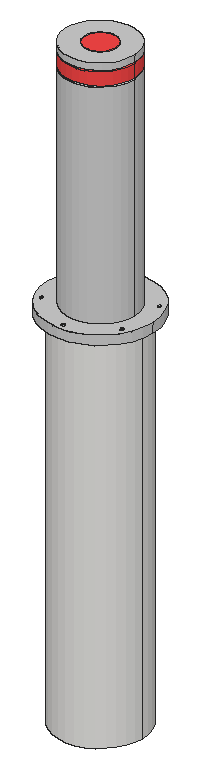
Revit family "Pilona Telescopica Automatica", category Furniture, Revit 2020
Family settings
  Work Plane-Based = No
  Always vertical = Yes
  Cut with Voids When Loaded = No
  Shared = No
  Room Calculation Point = No
Parameters (values of type "Pilona Automatica-H75013-220mm")
  a = 0.020 m
  URL Producto = "https://www.benito.com/es/mobiliario-urbano/regulacion-accesos/telescopica-automatica-de-alta-seguridad-%C3%98220-x-750mm--H75013.html"
  Type Comments = "Tiene un consumo de 600W y una potencia Motor 300 W (3000r.p.m) con grado de Protección IP 67. El tiempo de subida / bajada es de 4seg"
  Referencia = "H75013"
  Material = Acero inoxidable
  H1 = 1.210 m
  H = H1 + D  # 1.960 m
  Ficha técnica = "https://www.benito.com/es/download/data-sheet-H75013"
  Fabricante = "BENITO URBAN SL"
  Espesor = 0.008 m
  Description = "Pilona automática fabricada con émbolo de acero inoxidable AISI-304 satinado de Ø220 x 750 mm de altura"
  Default Elevation = 0.000 m
  D = 0.750 m
  C = 0.340 m
  B = 0.274 m
  A1 = A - a  # 0.200 m
  A = 0.220 m
Types (6, lengths in m): name | URL Producto | Referencia | H1 | H | Ficha técnica | Espesor | Description | D
  Pilona Automatica-H6004-220mm | "https://www.benito.com/es/mobiliario-urbano/regulacion-accesos/telescopica-automatica-%C3%98220-x-600mm--H6008.html" | "H6004" | 0.870 | 1.470 | "https://www.benito.com/es/download/data-sheet-H6008" | 0.004 | "Pilona automática fabricada con émbolo de acero inoxidable AISI-304 satinado de Ø220 x 600 mm de altura" | 0.600
  Pilona Automatica-H6008-220mm | "https://www.benito.com/es/mobiliario-urbano/regulacion-accesos/telescopica-automatica-%C3%98220-x-600mm--H6008.html" | "H6008" | 0.870 | 1.470 | "https://www.benito.com/es/download/data-sheet-H6008" | 0.008 | "Pilona automática fabricada con émbolo de acero inoxidable AISI-304 satinado de Ø220 x 600 mm de altura" | 0.600
  Pilona Automatica-H60013-220mm | "https://www.benito.com/es/mobiliario-urbano/regulacion-accesos/telescopica-automatica-%C3%98220-x-600mm--H6008.html" | "H60013" | 1.060 | 1.660 | "https://www.benito.com/es/download/data-sheet-H6008" | 0.013 | "Pilona automática fabricada con émbolo de acero inoxidable AISI-304 satinado de Ø220 x 600 mm de altura" | 0.600
  Pilona Automatica-H7504-220mm | "https://www.benito.com/es/mobiliario-urbano/regulacion-accesos/telescopica-automatica-%C3%98220-x-750mm--H7508.html" | "H7504" | 1.060 | 1.810 | "https://www.benito.com/es/download/data-sheet-H7508" | 0.004 | "Pilona automática fabricada con émbolo de acero inoxidable AISI-304 satinado de Ø220 x 750 mm de altura" | 0.750
  Pilona Automatica-H7508-220mm | "https://www.benito.com/es/mobiliario-urbano/regulacion-accesos/telescopica-automatica-%C3%98220-x-750mm--H7508.html" | "H7508" | 1.060 | 1.810 | "https://www.benito.com/es/download/data-sheet-H7508" | 0.008 | "Pilona automática fabricada con émbolo de acero inoxidable AISI-304 satinado de Ø220 x 750 mm de altura" | 0.750
  Pilona Automatica-H75013-220mm | "https://www.benito.com/es/mobiliario-urbano/regulacion-accesos/telescopica-automatica-de-alta-seguridad-%C3%98220-x-750mm--H75013.html" | "H75013" | 1.210 | 1.960 | "https://www.benito.com/es/download/data-sheet-H75013" | 0.008 | "Pilona automática fabricada con émbolo de acero inoxidable AISI-304 satinado de Ø220 x 750 mm de altura" | 0.750
Reference planes (m)
  plane 1 "Center (Front/Back)": y = 0
  plane 2: z = 0
  plane 3 "Center (Left/Right)": x = 0
  plane 4: z = 0.78
  plane 5: z = -1.18
  plane 6: z = 0.76
  plane 7: z = 0.71
  plane 8: z = 0.755
  plane 9: z = 0.715
  plane 10: z = 0.775
  plane 11: z = 0.03
Forms (m)
  Extrusion 1, solid, material "Acero galvanizado"
    sketch origin (0, 0, 0) x (1, 0, 0) y (0, 1, 0)
      loop
        circle (0, 0) r 0.137
    from -1.18 to 0
  Extrusion 2, solid, material "Acero inoxidable"
    sketch origin (0, 0, 0) x (1, 0, 0) y (0, 1, 0)
      loop
        circle (0, 0) r 0.17
      loop
        circle (0, 0) r 0.11
    from 0 to 0.03
  Extrusion 3, solid, material "Acero inoxidable"
    sketch origin (0, 0, 0) x (1, 0, 0) y (0, 1, 0)
      loop
        circle (0, 0) r 0.11
    from 0 to 0.78
  Extrusion 4, void
    sketch origin (0, 0, 0) x (1, 0, 0) y (0, 1, 0)
      loop
        circle (0, 0) r 0.11
      loop
        circle (0, 0) r 0.1
    from 0.71 to 0.76
  Extrusion 5, solid, material "LED Rojo"
    sketch origin (0, 0, 0) x (1, 0, 0) y (0, 1, 0)
      loop
        circle (0, 0) r 0.11
      loop
        circle (0, 0) r 0.1
    from 0.715 to 0.755
  Extrusion 6, void
    sketch origin (0, 0, 0) x (1, 0, 0) y (0, 1, 0)
      loop
        circle (0, 0) r 0.05
    from 0.775 to 0.78
  Extrusion 7, solid, material "LED Rojo"
    sketch origin (0, 0, 0) x (1, 0, 0) y (0, 1, 0)
      loop
        circle (0, 0) r 0.05
    from 0.775 to 0.78
  Extrusion 8, void
    sketch origin (0, 0, 0) x (1, 0, 0) y (0, 1, 0)
      loop
        line (-0.124904, 0.075) -> (-0.127404, 0.07933) -> (-0.132404, 0.07933) -> (-0.134904, 0.075) -> (-0.132404, 0.07067) -> (-0.127404, 0.07067) -> (-0.124904, 0.075)
      loop
        line (0.005, 0.15) -> (0.0025, 0.15433) -> (-0.0025, 0.15433) -> (-0.005, 0.15) -> (-0.0025, 0.14567) -> (0.0025, 0.14567) -> (0.005, 0.15)
      loop
        line (0.134904, 0.075) -> (0.132404, 0.07933) -> (0.127404, 0.07933) -> (0.124904, 0.075) -> (0.127404, 0.07067) -> (0.132404, 0.07067) -> (0.134904, 0.075)
      loop
        line (0.134904, -0.075) -> (0.132404, -0.07067) -> (0.127404, -0.07067) -> (0.124904, -0.075) -> (0.127404, -0.07933) -> (0.132404, -0.07933) -> (0.134904, -0.075)
      loop
        line (0.005, -0.15) -> (0.0025, -0.14567) -> (-0.0025, -0.14567) -> (-0.005, -0.15) -> (-0.0025, -0.15433) -> (0.0025, -0.15433) -> (0.005, -0.15)
      loop
        line (-0.124904, -0.075) -> (-0.127404, -0.07067) -> (-0.132404, -0.07067) -> (-0.134904, -0.075) -> (-0.132404, -0.07933) -> (-0.127404, -0.07933) -> (-0.124904, -0.075)
    from 0 to 0.03
  Extrusion 9, solid
    sketch origin (0, 0, 0) x (1, 0, 0) y (0, 1, 0)
      loop
        line (-0.127692, 0.07883) -> (-0.132115, 0.07883) -> (-0.134326, 0.075) -> (-0.132115, 0.07117) -> (-0.127692, 0.07117) -> (-0.125481, 0.075) -> (-0.127692, 0.07883)
    from 0 to 0.030936
  Extrusion 10, solid
    sketch origin (0.129904, 0.075, 0) x (1, 0, 0) y (0, 1, 0)
      loop
        line (-0.127692, 0.07883) -> (-0.132115, 0.07883) -> (-0.134326, 0.075) -> (-0.132115, 0.07117) -> (-0.127692, 0.07117) -> (-0.125481, 0.075) -> (-0.127692, 0.07883)
    from 0 to 0.030936
  Extrusion 11, solid
    sketch origin (0.259808, 0, 0) x (1, 0, 0) y (0, 1, 0)
      loop
        line (-0.127692, 0.07883) -> (-0.132115, 0.07883) -> (-0.134326, 0.075) -> (-0.132115, 0.07117) -> (-0.127692, 0.07117) -> (-0.125481, 0.075) -> (-0.127692, 0.07883)
    from 0 to 0.030936
  Extrusion 12, solid
    sketch origin (0.259808, -0.15, 0) x (1, 0, 0) y (0, 1, 0)
      loop
        line (-0.127692, 0.07883) -> (-0.132115, 0.07883) -> (-0.134326, 0.075) -> (-0.132115, 0.07117) -> (-0.127692, 0.07117) -> (-0.125481, 0.075) -> (-0.127692, 0.07883)
    from 0 to 0.030936
  Extrusion 13, solid
    sketch origin (0.129904, -0.225, 0) x (1, 0, 0) y (0, 1, 0)
      loop
        line (-0.127692, 0.07883) -> (-0.132115, 0.07883) -> (-0.134326, 0.075) -> (-0.132115, 0.07117) -> (-0.127692, 0.07117) -> (-0.125481, 0.075) -> (-0.127692, 0.07883)
    from 0 to 0.030936
  Extrusion 14, solid
    sketch origin (0, -0.15, 0) x (1, 0, 0) y (0, 1, 0)
      loop
        line (-0.127692, 0.07883) -> (-0.132115, 0.07883) -> (-0.134326, 0.075) -> (-0.132115, 0.07117) -> (-0.127692, 0.07117) -> (-0.125481, 0.075) -> (-0.127692, 0.07883)
    from 0 to 0.030936
Cuts and joins
  Extrusion 4, Extrusion 6 cuts Extrusion 1
  Extrusion 4, Extrusion 8 cuts Extrusion 2
  Extrusion 4, Extrusion 6 cuts Extrusion 3
Dimensions and locks (m)
  "H1": plane 11 to plane 5
  plane 4 to plane 6 to plane 7 = 0.020 m locked, 0.050 m locked
  locked: plane 6 to plane 8 at 0.005
  locked: plane 9 to plane 7 at 0.005
  locked: plane 4 to plane 10 at 0.005
  locked: plane 11 to plane 2 at 0.03
  "D": plane 4 to plane 11
  "B": diameter of Extrusion 1 sketch curve
  "C": diameter of Extrusion 2 sketch curve
  "A": diameter of Extrusion 2 sketch curve
  "A": diameter of Extrusion 3 sketch curve
  "A": diameter of Extrusion 4 sketch curve
  "A1": diameter of Extrusion 4 sketch curve
  "A": diameter of Extrusion 5 sketch curve
  "A1": diameter of Extrusion 5 sketch curve
  aligned and locked: level to plane 2
  aligned and locked: Extrusion 1 to plane 5
  aligned and locked: level to Extrusion 1
  aligned and locked: plane 4 to Extrusion 3
  aligned and locked: Extrusion 3 to level
  aligned and locked: Extrusion 5 to plane 9
  aligned and locked: Extrusion 4 to cut or joined group of Extrusion 3, Extrusion 4, Extrusion 6
  aligned and locked: Extrusion 4 to plane 7
  aligned and locked: plane 4 to Extrusion 6
  aligned and locked: Extrusion 6 to plane 10
  aligned and locked: Extrusion 7 to cut or joined group of Extrusion 3, Extrusion 4, Extrusion 6
  aligned and locked: plane 4 to Extrusion 7
  aligned and locked: Extrusion 2 to Extrusion 8
  aligned and locked: Extrusion 2 to level
  aligned and locked: plane 6 to Extrusion 4
  aligned and locked: plane 8 to Extrusion 5
Automatic sketch dimensions
  plane 1 "Center (Front/Back)" to Extrusion 6 sketch curve = 0.000 m
  Extrusion 6 sketch curve to plane 3 "Center (Left/Right)" = 0.000 m
  plane 1 "Center (Front/Back)" to Extrusion 7 sketch curve = 0.000 m
  Extrusion 7 sketch curve to plane 3 "Center (Left/Right)" = 0.000 m
  Extrusion 8 sketch curve to plane 3 "Center (Left/Right)" = 0.134904 m  (x2)
  Extrusion 8 sketch curve to Extrusion 8 sketch curve = 0.0025 m  (x13)
  Extrusion 8 sketch curve to Extrusion 8 sketch curve = 0.005 m  (x8)
  Extrusion 8 sketch curve to plane 3 "Center (Left/Right)" = 0.005 m  (x2)
  Extrusion 8 sketch curve to plane 3 "Center (Left/Right)" = 0.0025 m  (x4)
  plane 3 "Center (Left/Right)" to Extrusion 8 sketch curve = 0.0025 m  (x4)
  plane 3 "Center (Left/Right)" to Extrusion 8 sketch curve = 0.005 m
  plane 3 "Center (Left/Right)" to Extrusion 8 sketch curve = 0.124904 m  (x2)
  plane 1 "Center (Front/Back)" to Extrusion 8 sketch curve = 0.15433 m
  Extrusion 8 sketch curve to Extrusion 8 sketch curve = 0.00433 m  (x18)
  plane 1 "Center (Front/Back)" to Extrusion 8 sketch curve = 0.07933 m  (x2)
  Extrusion 8 sketch curve to plane 1 "Center (Front/Back)" = 0.07067 m  (x2)
  Extrusion 8 sketch curve to Extrusion 8 sketch curve = 0.07067 m
  Extrusion 9 sketch curve to plane 3 "Center (Left/Right)" = 0.134326 m
  Extrusion 9 sketch curve to Extrusion 9 sketch curve = 0.002211 m  (x3)
  Extrusion 9 sketch curve to Extrusion 9 sketch curve = 0.004423 m  (x2)
  Extrusion 9 sketch curve to plane 1 "Center (Front/Back)" = 0.07117 m
  Extrusion 9 sketch curve to Extrusion 9 sketch curve = 0.00383 m  (x3)
  Extrusion 10 sketch curve to plane 3 "Center (Left/Right)" = 0.004423 m
  Extrusion 10 sketch curve to plane 3 "Center (Left/Right)" = 0.002211 m  (x2)
  plane 3 "Center (Left/Right)" to Extrusion 10 sketch curve = 0.002211 m  (x2)
  Extrusion 10 sketch curve to Extrusion 10 sketch curve = 0.002211 m
  Extrusion 10 sketch curve to plane 1 "Center (Front/Back)" = 0.14617 m
  Extrusion 10 sketch curve to Extrusion 10 sketch curve = 0.00383 m  (x3)
  plane 3 "Center (Left/Right)" to Extrusion 11 sketch curve = 0.125481 m
  Extrusion 11 sketch curve to Extrusion 11 sketch curve = 0.002211 m  (x3)
  Extrusion 11 sketch curve to Extrusion 11 sketch curve = 0.004423 m  (x2)
  Extrusion 11 sketch curve to plane 1 "Center (Front/Back)" = 0.07117 m
  Extrusion 11 sketch curve to Extrusion 11 sketch curve = 0.00383 m  (x3)
  plane 3 "Center (Left/Right)" to Extrusion 12 sketch curve = 0.125481 m
  Extrusion 12 sketch curve to Extrusion 12 sketch curve = 0.002211 m  (x3)
  Extrusion 12 sketch curve to Extrusion 12 sketch curve = 0.004423 m  (x2)
  plane 1 "Center (Front/Back)" to Extrusion 12 sketch curve = 0.07883 m
  Extrusion 12 sketch curve to Extrusion 12 sketch curve = 0.00383 m  (x3)
  Extrusion 13 sketch curve to plane 3 "Center (Left/Right)" = 0.004423 m
  Extrusion 13 sketch curve to plane 3 "Center (Left/Right)" = 0.002211 m  (x2)
  plane 3 "Center (Left/Right)" to Extrusion 13 sketch curve = 0.002211 m  (x2)
  plane 3 "Center (Left/Right)" to Extrusion 13 sketch curve = 0.004423 m
  plane 1 "Center (Front/Back)" to Extrusion 13 sketch curve = 0.15383 m
  Extrusion 13 sketch curve to Extrusion 13 sketch curve = 0.00383 m  (x3)
  Extrusion 14 sketch curve to plane 3 "Center (Left/Right)" = 0.134326 m
  Extrusion 14 sketch curve to Extrusion 14 sketch curve = 0.002211 m  (x3)
  Extrusion 14 sketch curve to Extrusion 14 sketch curve = 0.004423 m  (x2)
  plane 1 "Center (Front/Back)" to Extrusion 14 sketch curve = 0.07883 m
  Extrusion 14 sketch curve to Extrusion 14 sketch curve = 0.00383 m  (x3)
  plane 1 "Center (Front/Back)" to Extrusion 1 sketch curve = 0.000 m
  Extrusion 1 sketch curve to plane 3 "Center (Left/Right)" = 0.000 m
  Extrusion 2 sketch curve to Extrusion 2 sketch curve = 0.000 m  (x2)
  plane 1 "Center (Front/Back)" to Extrusion 2 sketch curve = 0.000 m
  Extrusion 2 sketch curve to plane 3 "Center (Left/Right)" = 0.000 m
  plane 1 "Center (Front/Back)" to Extrusion 3 sketch curve = 0.000 m
  Extrusion 3 sketch curve to plane 3 "Center (Left/Right)" = 0.000 m
  Extrusion 4 sketch curve to Extrusion 4 sketch curve = 0.000 m  (x2)
  plane 1 "Center (Front/Back)" to Extrusion 4 sketch curve = 0.000 m
  Extrusion 4 sketch curve to plane 3 "Center (Left/Right)" = 0.000 m
  Extrusion 5 sketch curve to Extrusion 5 sketch curve = 0.000 m  (x2)
  plane 1 "Center (Front/Back)" to Extrusion 5 sketch curve = 0.000 m
  Extrusion 5 sketch curve to plane 3 "Center (Left/Right)" = 0.000 m
  radius of Extrusion 6 sketch curve = 0.050 m
  radius of Extrusion 7 sketch curve = 0.050 m
